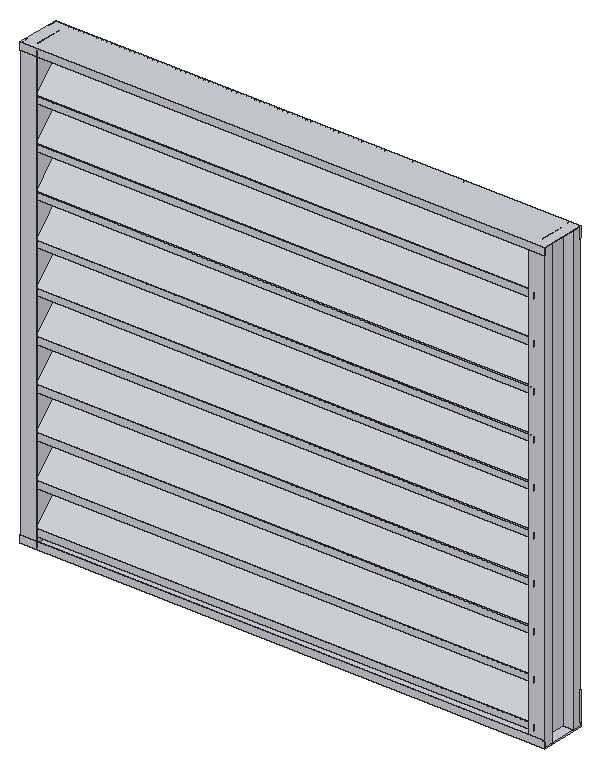
Revit family "SFL-D-4", category Mechanical Equipment, Revit 2015
Parameters
  URL = "https://unitedenertech.com/catalog/pdf/A_11%20SFL-D-4.pdf"
  Type Comments = "Max. Single Section Size is (96\"w x 72\"h)"
  Model = "SFL-D-4"
  Manufacturer = "United Enertech Corporation"
  Exact Width = 4' - 0"
  Exact Height = 3' - 5"
  Description = "4\" Drainable Fixed Steel Louver"
  Depth = 0' - 4.0956"
  Blade Spacing [instance] = 0' - 3 15/16"
  Blade Number [instance] = (Exact Height - 0' 3") / Blade Spacing  # 10
  BW [instance] = Exact Width - 0' 2 3/32"  # 3' - 9 29/32"
Reference planes (in)
  plane 1 "Center (Front/Back)": y = 0
  plane 2: z = 0
  plane 3 "Center (Left/Right)": x = 0
  plane 4: z = 20.5
  plane 5: z = 41
  plane 6: x = -24
  plane 7: x = 24
  plane 8: y = -4.0956
  plane 9: z = 0.0478
  plane 10: z = 40.9522
  plane 11: y = -0.0478
  plane 12: y = -4.0478
  plane 13: y = -4
Forms (in)
  Extrusion 1, solid
    sketch origin (-56.98911, -20.29061, 0) x (1, 0, 0) y (0, 1, 0)
      loop
        line (34.48911, 20.19501) -> (34.48911, 20.24281) -> (32.98911, 20.24281) -> (32.98911, 19.49281) -> (33.98911, 19.49281) -> (33.98911, 16.99281) -> (32.98911, 16.99281) -> (32.98911, 16.24281) -> (34.48911, 16.24281) -> (34.48911, 16.29061) -> (33.03691, 16.29061) -> (33.03691, 16.94501) -> (34.03691, 16.94501) -> (34.03691, 19.54061) -> (33.03691, 19.54061) -> (33.03691, 20.19501) -> (34.48911, 20.19501)
    from 0.0478 to 40.9522
  Extrusion 2, solid
    sketch origin (56.98911, -20.29061, 0) x (-1, 0, 0) y (0, -1, 0)
      loop
        line (34.48911, -20.19501) -> (33.03691, -20.19501) -> (33.03691, -19.54061) -> (34.03691, -19.54061) -> (34.03691, -16.94501) -> (33.03691, -16.94501) -> (33.03691, -16.29061) -> (34.48911, -16.29061) -> (34.48911, -16.24281) -> (32.98911, -16.24281) -> (32.98911, -16.99281) -> (33.98911, -16.99281) -> (33.98911, -19.49281) -> (32.98911, -19.49281) -> (32.98911, -20.24281) -> (34.48911, -20.24281) -> (34.48911, -20.19501)
    from 0.0478 to 40.9522
  Extrusion 3, solid
    sketch origin (0, -17.84464, -7.48794) x (0, 1, 0) y (0, 0, 1)
      loop
        line (13.79684, 8.11294) -> (13.74904, 8.11294) -> (13.74904, 7.48794) -> (17.84464, 7.48794) -> (17.84464, 10.48794) -> (17.79684, 10.48794) -> (17.79684, 7.53574) -> (13.79684, 7.53574) -> (13.79684, 8.11294)
    from -24 to 24
  Extrusion 4, solid
    sketch origin (0, -11.42267, 27.46426) x (0, 1, 0) y (0, 0, 1)
      loop
        line (11.37487, 12.53574) -> (11.42267, 12.53574) -> (11.42267, 13.53574) -> (7.32707, 13.53574) -> (7.32707, 12.91074) -> (7.37487, 12.91074) -> (7.37487, 13.48794) -> (11.37487, 13.48794) -> (11.37487, 12.53574)
    from -24 to 24
Dimensions and locks (in)
  equal spacing: plane 5, plane 4, level
  "Exact Height": plane 5 to level
  equal spacing: plane 6, plane 3 "Center (Left/Right)", plane 7
  "Exact Width": plane 6 to plane 7
  "Depth": plane 1 "Center (Front/Back)" to plane 8
  locked: plane 9 to level at 0.0478
  locked: plane 5 to plane 10 at 0.0478
  locked: plane 12 to plane 8 at 0.0478
  locked: plane 1 "Center (Front/Back)" to plane 11 at 0.0478
  locked: plane 13 to plane 8 at 0.0956
  equal spacing: group 1, group 2, group 3, group 4, group 5, group 6, group 7, group 8, group 9, group 10  (x2)
  equal spacing: group 10, group 9, group 8, group 7, group 6, group 5, group 4, group 3, group 2, group 1
  "Blade Spacing": nested 1 to nested 2
  aligned and locked: level to plane 2
  aligned and locked: plane 6 to Extrusion 1
  aligned and locked: plane 7 to Extrusion 2
  aligned and locked: Extrusion 2 to plane 9
  aligned and locked: Extrusion 1 to plane 9
  aligned and locked: plane 10 to Extrusion 1
  aligned and locked: plane 10 to Extrusion 2
  aligned and locked: plane 6 to Extrusion 3
  aligned and locked: plane 7 to Extrusion 3
  aligned and locked: plane 5 to Extrusion 4
  aligned and locked: plane 6 to Extrusion 4
  aligned and locked: plane 7 to Extrusion 4
  aligned and locked: plane 3 "Center (Left/Right)" to nested 1
  aligned and locked: nested 1 to plane 13
  aligned and locked: plane 10 to nested 1
  aligned and locked: nested 2 to nested 1
Automatic sketch dimensions
  Extrusion 1 sketch curve to plane 6 = 0' - 0"  (x2)
  Extrusion 1 sketch curve to plane 12 = 0' - 0"
  Extrusion 1 sketch curve to plane 11 = 0' - 0"
  Extrusion 1 sketch curve to plane 6 = 0' - 0.0478"  (x2)
  Extrusion 1 sketch curve to Extrusion 1 sketch curve = 0' - 0.9522"
  Extrusion 1 sketch curve to Extrusion 1 sketch curve = 0' - 0.0478"  (x3)
  plane 12 to Extrusion 1 sketch curve = 0' - 0.0478"
  Extrusion 1 sketch curve to Extrusion 1 sketch curve = 0' - 0.4522"  (x2)
  Extrusion 1 sketch curve to plane 11 = 0' - 0.0478"
  Extrusion 1 sketch curve to Extrusion 1 sketch curve = 0' - 0.6544"
  Extrusion 1 sketch curve to plane 11 = 0' - 0 3/4"
  Extrusion 2 sketch curve to plane 7 = 0' - 0"  (x2)
  Extrusion 2 sketch curve to plane 12 = 0' - 0"
  Extrusion 2 sketch curve to plane 11 = 0' - 0"
  plane 7 to Extrusion 2 sketch curve = 0' - 0.0478"  (x2)
  Extrusion 2 sketch curve to Extrusion 2 sketch curve = 0' - 0.9522"
  Extrusion 2 sketch curve to Extrusion 2 sketch curve = 0' - 0.0478"  (x3)
  Extrusion 2 sketch curve to plane 12 = 0' - 0.0478"
  Extrusion 2 sketch curve to Extrusion 2 sketch curve = 0' - 0.4522"  (x2)
  plane 11 to Extrusion 2 sketch curve = 0' - 0.0478"
  Extrusion 2 sketch curve to Extrusion 2 sketch curve = 0' - 0.6544"
  plane 11 to Extrusion 2 sketch curve = 0' - 0 3/4"
  plane 1 "Center (Front/Back)" to Extrusion 3 sketch curve = 0' - 4.0478"
  plane 9 to Extrusion 3 sketch curve = 0' - 0.5772"
  Extrusion 3 sketch curve to Extrusion 3 sketch curve = 0' - 0.0478"  (x3)
  Extrusion 3 sketch curve to Extrusion 3 sketch curve = 0' - 0.5772"
  Extrusion 3 sketch curve to Extrusion 3 sketch curve = 0' - 4.0478"
  Extrusion 3 sketch curve to Extrusion 3 sketch curve = 0' - 2.9522"
  plane 1 "Center (Front/Back)" to Extrusion 4 sketch curve = 0' - 4.0956"
  plane 9 to Extrusion 4 sketch curve = 3' - 4.3272"
  Extrusion 4 sketch curve to Extrusion 4 sketch curve = 0' - 0.0478"  (x3)
  Extrusion 4 sketch curve to Extrusion 4 sketch curve = 0' - 4"
  Extrusion 4 sketch curve to Extrusion 4 sketch curve = 0' - 0 3/8"
  Extrusion 4 sketch curve to Extrusion 4 sketch curve = 0' - 0 5/8"
Nested families (in)
  nested 1: "Blades" at (0, 12.53727, 31.26923), type "Blades"
    with BW 3' - 9 29/32"
  nested 2: "Blades" at (0, 12.53727, 27.33173), type "Blades"
    with BW 3' - 9 29/32"
  nested 3: "Blades" at (0, 12.53727, 23.39423), type "Blades"
    with BW 3' - 9 29/32"
  nested 4: "Blades" at (0, 12.53727, 19.45673), type "Blades"
    with BW 3' - 9 29/32"
  nested 5: "Blades" at (0, 12.53727, 15.51923), type "Blades"
    with BW 3' - 9 29/32"
  nested 6: "Blades" at (0, 12.53727, 11.58173), type "Blades"
    with BW 3' - 9 29/32"
  nested 7: "Blades" at (0, 12.53727, 7.64423), type "Blades"
    with BW 3' - 9 29/32"
  nested 8: "Blades" at (0, 12.53727, 3.70673), type "Blades"
    with BW 3' - 9 29/32"
  nested 9: "Blades" at (0, 12.53727, -0.23077), type "Blades"
    with BW 3' - 9 29/32"
  nested 10: "Blades" at (0, 12.53727, -4.16827), type "Blades"
    with BW 3' - 9 29/32"
Definition of nested family "Blades"
  Parameters (values of type "Blades")
    BW = 1' - 0"
  Reference planes (in)
    plane 1 "Center (Front/Back)": y = 0
    plane 2: z = 0
    plane 3 "Center (Left/Right)": x = 0
    plane 4: x = -6
    plane 5: x = 6
  Forms (in)
    Extrusion 1, solid
      sketch origin (0, 0, 0) x (0, 1, 0) y (0, 0, 1)
        loop
          line (-12.68067, 9.68297) -> (-12.68067, 9.07777) -> (-16.48947, 5.26897) -> (-16.48947, 5.77857) -> (-16.53727, 5.77857) -> (-16.53727, 5.15357) -> (-12.63287, 9.05797) -> (-12.63287, 9.68297) -> (-12.68067, 9.68297)
      from -6 to 6
  Dimensions and locks (in)
    equal spacing: plane 4, plane 3 "Center (Left/Right)", plane 5
    "BW": plane 4 to plane 5
    aligned and locked: level to plane 2
    aligned and locked: plane 4 to Extrusion 1
    aligned and locked: plane 5 to Extrusion 1
  Automatic sketch dimensions
    level to Extrusion 1 sketch curve = 0' - 5.15357"
    plane 1 "Center (Front/Back)" to Extrusion 1 sketch curve = 1' - 4.53727"
    Extrusion 1 sketch curve to Extrusion 1 sketch curve = 0' - 0.0478"  (x2)
    Extrusion 1 sketch curve to Extrusion 1 sketch curve = 0' - 3.8088"
    Extrusion 1 sketch curve to Extrusion 1 sketch curve = 0' - 0.1154"
    Extrusion 1 sketch curve to Extrusion 1 sketch curve = 0' - 0.5096"
    Extrusion 1 sketch curve to Extrusion 1 sketch curve = 0' - 3.2794"
    Extrusion 1 sketch curve to Extrusion 1 sketch curve = 0' - 0.0198"
    Extrusion 1 sketch curve to Extrusion 1 sketch curve = 0' - 0.6052"
